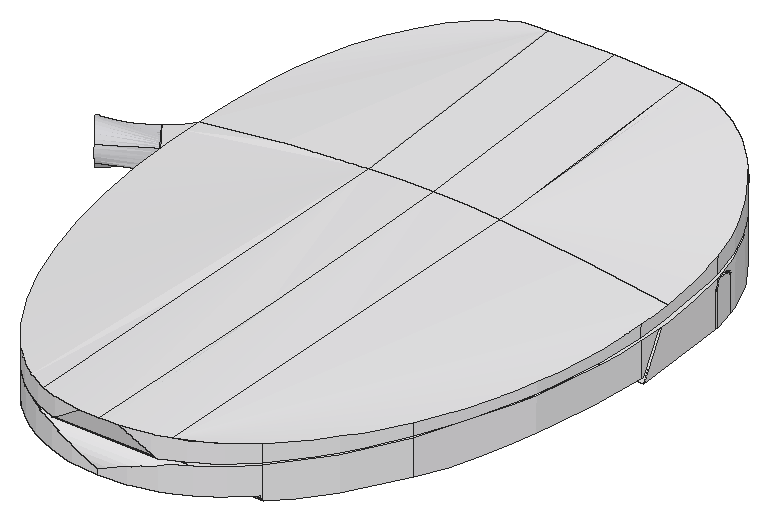
Revit family "Toilet_Seat-Elongated_Closed_Front-Cleansing-KOHLER-Purewash-K-98804_1", category Plumbing Fixtures, host Face, Revit 2017 (continued)
Definition of nested family "K-98804"
  Lines and regions (in)
    symbolic lines, detail levels medium+fine
      curve 97: line (-7.1719, 0, 0.16629) -> (-7.25, 0, 0.16629)
      curve 98: spline (-7.24962, 0, 1.2198) -> (-7.24851, 0, 1.22333) -> (-7.24669, 0, 1.22697) -> (-7.24415, 0, 1.23072) -> (-7.2409, 0, 1.23458) -> (-7.23693, 0, 1.23855) -> (-7.23224, 0, 1.24262) -> (-7.22685, 0, 1.24681) -> (-7.22073, 0, 1.25111) -> (-7.2139, 0, 1.25552) -> (-7.20636, 0, 1.26004) -> (-7.1981, 0, 1.26466) -> (-7.18913, 0, 1.2694)
      curve 99: arc (-7.18913, 0, 1.2694) -> (-7.20246, 0, 1.27487) -> (-7.21539, 0, 1.28122) r 0.21519
    symbolic lines, visible <- "Plastic Handle", detail levels medium+fine
      curve 18: line (-8.54572, -6.89127, 0) -> (-7.81485, -7.86116, 0)
      curve 21: line (0, -7.07106, 1.14961) -> (0, -7.07106, 0.6351)
      curve 100: line (-8.0374, 0, 1.14961) -> (-8.0374, 0, 0.6351)
    symbolic lines, visible <- "CP Handle", detail levels medium+fine
      curve 95: spline (0, -8.31927, 1.67246) -> (0, -8.18906, 1.65099) -> (0, -8.06773, 1.58806) -> (0, -7.96354, 1.48796) -> (0, -7.88359, 1.3575) -> (0, -7.83333, 1.20557) -> (0, -7.81619, 1.04253) -> (0, -7.83333, 0.8795) -> (0, -7.88359, 0.72757) -> (0, -7.96354, 0.59711) -> (0, -8.06773, 0.49701) -> (0, -8.18906, 0.43408) -> (0, -8.31927, 0.41261)
      curve 101: spline (-9.31162, 0, 0.4232) -> (-9.22997, 0, 0.46465) -> (-9.15597, 0, 0.53541) -> (-9.09337, 0, 0.63189) -> (-9.04536, 0, 0.7492) -> (-9.01436, 0, 0.88139) -> (-9.00196, 0, 1.02175) -> (-9.00877, 0, 1.16317) -> (-9.03445, 0, 1.29847) -> (-9.0777, 0, 1.42078) -> (-9.13633, 0, 1.52391) -> (-9.20736, 0, 1.60263) -> (-9.2872, 0, 1.65293)
  Dimensions and locks (in)
    plane 4 to level = 3 1/16"
    plane 1 "Center (Front/Back)" to plane 5 = 19 15/16"
    locked: plane 7 to plane 6 at 1.625
    locked: plane 5 to plane 1 "Center (Front/Back)" at 19.9375
    locked: plane 11 to plane 5 at 18.70079
    locked: plane 5 to plane 12 at 9.9687
    locked: plane 6 to plane 8 at 14.5
    locked: plane 7 to plane 8 at 16.125
    plane 13 to plane 5 = 15.74803"
    locked: plane 15 to plane 8 at 17.00787
    aligned and locked: plane 2 to level
Types (5): name | Type | Product Page URL | Product Documentation Link | Plastic Handle | Model | Finish | Description | Chrome Handle
  (no name) | 3 | "http://www.us.kohler.com/us/catalog/productDetails.jsp?productId=98804-CP" | "https://www.us.kohler.com/webassets/kpna/catalog/pdf/en/K-98804-CP_spec_US-CA_Kohler_en.pdf" | no | "K-98804-CP-0" | Kohler-Plastic-0-White | "Elongated Manual Bidet Toilet Seat With Polished Chrome Handle" | yes
  0-White | 1 | "http://www.us.kohler.com/us/catalog/productDetails.jsp?productId=98804" | "https://www.us.kohler.com/webassets/kpna/catalog/pdf/en/K-98804_spec_US-CA_Kohler_en.pdf" | yes | "K-98804-0" | Kohler-Plastic-0-White | "Elongated Manual Bidet Seat" | no
  Polished Chrome Handle, 0-White | 3 | "http://www.us.kohler.com/us/catalog/productDetails.jsp?productId=98804-CP" | "https://www.us.kohler.com/webassets/kpna/catalog/pdf/en/K-98804-CP_spec_US-CA_Kohler_en.pdf" | no | "K-98804-CP-0" | Kohler-Plastic-0-White | "Elongated Manual Bidet Toilet Seat With Polished Chrome Handle" | yes
  58-Thunder Grey | 2 | "http://www.us.kohler.com/us/catalog/productDetails.jsp?productId=98804" | "https://www.us.kohler.com/webassets/kpna/catalog/pdf/en/K-98804_spec_US-CA_Kohler_en.pdf" | yes | "K-98804-58" | Kohler-Plastic-58-Thunder_Grey | "Elongated Manual Bidet Seat" | no
  Polished Chrome Handle, 58-Thunder Grey | 4 | "http://www.us.kohler.com/us/catalog/productDetails.jsp?productId=98804-CP" | "https://www.us.kohler.com/webassets/kpna/catalog/pdf/en/K-98804-CP_spec_US-CA_Kohler_en.pdf" | no | "K-98804-CP-58" | Kohler-Plastic-58-Thunder_Grey | "Elongated Manual Bidet Toilet Seat With Polished Chrome Handle" | yes
